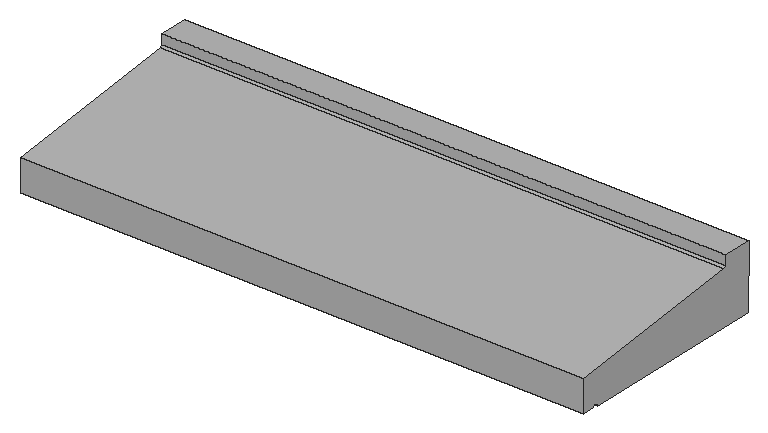
Revit family "L-Sill -S129", category Generic Models, Revit 2020
Family settings
  Can host rebar = No
  Round Connector Dimension = Use Diameter
  Part Type = Normal
  Work Plane-Based = No
  Always vertical = Yes
  Cut with Voids When Loaded = No
  Shared = No
  Room Calculation Point = No
Parameters
  Width of Seating = 50 mm
  Weight = "71Kg/m"
  Warranty Guarantor Parts = "n/a"
  Warranty Guarantor Labour = "n/a"
  Warranty Duration Unit = "n/a"
  Warranty Duration Parts = "n/a"
  Warranty Duration Labour = "n/a"
  Warranty Description = "n/a"
  URL = "www.killeshal.com"
  Types = "Single"
  Type Comments = "Visit our website for a full list of available products."
  Sustainability Performance = "n/a"
  Structural Class = "n/a"
  Span = "Ope Size + 205mm overhang."
  Slope = "0.00°"
  Size = "365mm x 115 to 55mm"
  Sill Width [instance] = 365 mm
  Sill Length [instance] = 1002 mm
  Sill Height [instance] = 115 mm
  Shape = "As per drawing"
  Service Life = "0.000000"
  Serial Number = "n/a"
  Resistance to Fire = "n/a"
  Replacement Cost = "n/a"
  Reference = "n/a"
  Notified Body = "n/a"
  Nominal Cover to Main Bar = "n/a"
  Model = "S/129 Sill"
  Mechanical Resistance = "n/a"
  Manufacturer = "Killeshal Precast Concrete Ltd."
  Load Bearing = no
  Life Cycle Environmental Load = "n/a"
  Length Options = "All sizes made to order."
  Keynote = "The information contained is the sole property of KPC Ltd., any reproduction in part or whole without permission of KPC Ltd. is prohibited."
  Front Face Dimension = 55 mm
  Environmental Product Declaration = "n/a"
  Environmental Class = "n/a"
  Durability against Corrosion = "n/a"
  Distance from Face to Seating = 315 mm
  Dimension Accuracy Class = "n/a"
  Detailing = "As per design specification and product drawings."
  Description = "Type L-Sill"
  Default Elevation = 0 mm
  Dangerous Substances = "n/a"
  Contact Tel = "0035357 9353018"
  Contact Email = "sales@killeshal.com"
  Construction Type = "Precast"
  Construction Tolerance Class = "n/a"
  Compressive Strength of Concrete = "n/a"
  Characteristics of Reinforcing Steel = "n/a"
  Characteristics Deflection Under Load = "n/a"
Reference planes
  plane 1 "Center (Front/Back)": y = 0
  plane 2: z = 0
  plane 3 "Center (Left/Right)": x = 0
  plane 4 "Rear": y = 182.5
  plane 5 "Front": y = -182.5
  plane 6 "Top": z = 115
  plane 7 "Center L/T": z = 55
  plane 8 "Center L/U": y = 132.5
  plane 9 "Center L/V": z = 95
Forms (mm)
  Extrusion 1, solid, material "Precast Concrete (KPC)"
    sketch origin (0, 0, 0) x (0, 1, 0) y (0, 0, 1)
      loop
        line (182.5, 0) -> (182.5, 115) -> (132.5, 115) -> (132.5, 97.992)
        arc (132.5, 97.992) -> (131.36, 95.668) -> (129.035, 94.528) r 4
        line (129.035, 94.528) -> (-182.5, 55) -> (-182.5, 0) -> (-162.5, 0)
        arc (-162.5, 0) -> (-157.5, 5) -> (-152.5, 0) r 5
        line (-152.5, 0) -> (182.5, 0)
    from 0 to 1002
Dimensions and locks
  "Sill Length": Extrusion 1 to Extrusion 1
  "Sill Width": Extrusion 1 to Extrusion 1
  plane 7 "Center L/T" to Extrusion 1 = 55 mm
  "Sill Height": Extrusion 1 to Extrusion 1
  Extrusion 1 to Extrusion 1 = 50 mm
  plane 6 "Top" to plane 9 "Center L/V" = 20 mm
  aligned and locked: level to plane 2
Automatic sketch dimensions
  Extrusion 1 sketch curve to level = 0 mm
  Extrusion 1 sketch curve to plane 5 "Front" = 0 mm
  Extrusion 1 sketch curve to plane 8 "Center L/U" = 0 mm
  Extrusion 1 sketch curve to plane 4 "Rear" = 0 mm
  Extrusion 1 sketch curve to plane 7 "Center L/T" = 0 mm
  Extrusion 1 sketch curve to plane 6 "Top" = 0 mm
  plane 5 "Front" to Extrusion 1 sketch curve = 20 mm
  Extrusion 1 sketch curve to Extrusion 1 sketch curve = 5 mm
  Extrusion 1 sketch curve to plane 8 "Center L/U" = 3.968 mm
  Extrusion 1 sketch curve to plane 9 "Center L/V" = 0.472 mm
  Extrusion 1 sketch curve to plane 8 "Center L/U" = 3.465 mm
  plane 9 "Center L/V" to Extrusion 1 sketch curve = 2.992 mm
